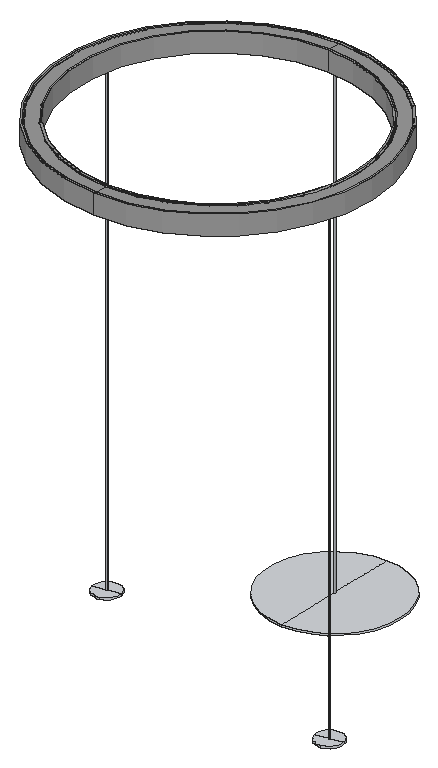
Revit family "VRD-DPMK", category Lighting Fixtures, host Face, Revit 2022
Family settings
  Host = Face
  Round Connector Dimension = Use Diameter
  Part Type = Normal
  Cut with Voids When Loaded = Yes
  Light Source = Yes
  Maintain Annotation Orientation = No
  Shared = No
  Room Calculation Point = No
Parameters (values of type "VRD-40W-4000K-ACPMK")
  cable = R - 0' 0 1/32"  # 0' - 11 197/256"
  Wattage Comments = "40W"
  Wattage = 22.8892 W
  built-in parameter 1150110 = 1 (stored number, unit not read)
  URL = "https://www.abovealllighting.com/Product/LED-INDOOR-FIXTURE/Ring/VRDVickyRingDownwardLight-Surface.html"
  built-in parameter 1114217 = 1 (stored number, unit not read)
  Tilt Angle = 90.00°
  built-in parameter 1150109 = 1 (stored number, unit not read)
  built-in parameter 1150134 = 12
  Suspension = 3' - 0"
  built-in parameter 1150113 = 1 (stored number, unit not read)
  Power Factor = "0.9"
  Photometric Web File = "VRD-4024-40901 (1).IES"
  Model = "VRD-4024-40901-ACPMK-WH"
  Manufacturer = "Above All Lighting"  # constant formula
  built-in parameter 1150105 = 270.56 (stored number, unit not read)
  Lumens = 3400 lm
  built-in parameter 1150115 = 1 (stored number, unit not read)
  Load Classification = Lighting
  built-in parameter 1150137 = (empty or 0)
  built-in parameter 1150139 = (empty or 0)
  built-in parameter 1150112 = 1 (stored number, unit not read)
  built-in parameter 1150114 = 1 (stored number, unit not read)
  Lamp = "LED"
  Input Voltage = "120-277V"
  built-in parameter 1150132 = 2
  built-in parameter 1150102 = (empty or 0)
  built-in parameter 1150107 = 4000 (stored number, unit not read)
  built-in parameter 1150138 = (empty or 0)
  built-in parameter 1150106 = 2.7056 (stored number, unit not read)
  built-in parameter 1150104 = 13.8 (stored number, unit not read)
  Dimming Lamp Color Temperature Shift = <None>
  Default Elevation = 0' - 0"
  R = 0' - 11 205/256"
  D1 = 0' - 10"
  Color Filter = 16777215
  Canopy R = R - 0' 0 77/128"  # 0' - 11 51/256"
  Cable Count = 2
  CRI = "90"
  Beam Angle = 0.00°
  built-in parameter 1114218 = 1 (stored number, unit not read)
  built-in parameter 1150133 = 10 (stored number, unit not read)
  10'' Canopy 3 = no
  10'' Canopy 2 = no
  10'' Canopy 1 = yes
  1/2D1 = 0.5 * D1  # 0' - 5"
Types (10): name | cable | Wattage Comments | Wattage | built-in parameter 1150134 | Photometric Web File | Model | built-in parameter 1150105 | Lumens | built-in parameter 1150107 | built-in parameter 1150106 | R | Canopy R | Cable Count | 10'' Canopy 3 | 10'' Canopy 2
  (no name) | 0' - 11 197/256" | "40W" | 22.8892 W | 12 | "VRD-4024-40901 (1).IES" | "VRD-4024-40901-ACPMK-WH" | 270.56 (stored number, unit not read) | 3400 lm | 4000 (stored number, unit not read) | 2.7056 (stored number, unit not read) | 0' - 11 205/256" | 0' - 11 51/256" | 2 | no | no
  VRD-40W-4000K-ACPMK | 0' - 11 197/256" | "40W" | 22.8892 W | 12 | "VRD-4024-40901 (1).IES" | "VRD-4024-40901-ACPMK-WH" | 270.56 (stored number, unit not read) | 3400 lm | 4000 (stored number, unit not read) | 2.7056 (stored number, unit not read) | 0' - 11 205/256" | 0' - 11 51/256" | 2 | no | no
  VRD-50W-3000K-ACPMK | 1' - 5 171/256" | "50W" | 28.6114 W | (empty or 0) | "VRD_5035_30901.ies" | "VRD-5035-30901-ACPMK-WH" | 338.2 (stored number, unit not read) | 4250 lm | 3000 (stored number, unit not read) | 3.382 (stored number, unit not read) | 1' - 5 179/256" | 1' - 5 25/256" | 2 | no | no
  VRD-80W-4000K-ACPMK | 1' - 11 73/128" | "80W" | 45.7783 W | 12 | "VRD-8047-40901 (1).IES" | "VRD-8047-40901-ACPMK-WH" | 541.13 (stored number, unit not read) | 6800 lm | 4000 (stored number, unit not read) | 5.4113 (stored number, unit not read) | 1' - 11 77/128" | 1' - 11" | 3 | no | no
  VRD-100W-3000K-ACPMK | 2' - 5 133/256" | "100W" | 57.2229 W | (empty or 0) | "VRD_10059_30901.ies" | "VRD-10059-30901-ACPMK-WH" | 676.41 (stored number, unit not read) | 8500 lm | 3000 (stored number, unit not read) | 6.7641 (stored number, unit not read) | 2' - 5 141/256" | 2' - 4 243/256" | 3 | no | no
  VRD-120W-3000K-ACPMK | 3' - 3 47/128" | "120W" | 68.6675 W | (empty or 0) | "generic" | "VRD-12079-30901-ACPMK-WH" | 811.69 (stored number, unit not read) | 10200 lm | 3000 (stored number, unit not read) | 8.1169 (stored number, unit not read) | 3' - 3 51/128" | 3' - 2 51/64" | 4 | yes | no
  VRD-160W-3000K-ACPMK | 4' - 1 43/256" | "160W" | 91.5566 W | (empty or 0) | "generic" | "VRD-16098-30901-ACPMK-WH" | 1082.3 (stored number, unit not read) | 13600 lm | 3000 (stored number, unit not read) | 10.823 (stored number, unit not read) | 4' - 1 51/256" | 4' - 0 153/256" | 6 | yes | no
  VRD-200W-3000K-ACPMK | 4' - 11 5/256" | "200W" | 114.446 W | (empty or 0) | "generic" | "VRD-200118-30901-ACPMK-WH" | 1352.8 (stored number, unit not read) | 17000 lm | 3000 (stored number, unit not read) | 13.528 (stored number, unit not read) | 4' - 11 13/256" | 4' - 10 115/256" | 7 | yes | yes
  VRD-300W-3000K-ACPMK | 6' - 6 31/32" | "300W" | 171.669 W | (empty or 0) | "generic" | "VRD-300158-30901-ACPMK-WH" | 2029.2 (stored number, unit not read) | 25500 lm | 3000 (stored number, unit not read) | 20.292 (stored number, unit not read) | 6' - 7" | 6' - 6 51/128" | 9 | yes | yes
  VRD-400W-3000K-ACPMK | 7' - 8.8058" | "400W" | 228.892 W | (empty or 0) | "generic" | "VRD-400197-30901-ACPMK-WH" | 2705.6 (stored number, unit not read) | 34000 lm | 3000 (stored number, unit not read) | 27.056 (stored number, unit not read) | 7' - 8.83705" | 7' - 8.23548" | 15 | yes | yes
Reference planes (in)
  plane 1 "Center (Front/Back)": y = 0
  plane 2: z = 0
  plane 3 "Center (Left/Right)": x = 0
  plane 4: y = 11.80078
  plane 5: y = 10.50078
  plane 6: y = 11.72767
  plane 7: y = 10.57389
  plane 8: z = 36
  plane 9: z = 37.44962
Forms (in)
  Revolve 1, solid, material "Default"
    sketch origin (0, 0, 59) x (0, 1, 0) y (0, 0, 1)
      loop
        line (11.80078, -23) -> (11.80078, -21.5) -> (11.67554, -21.5) -> (11.62516, -21.55038) -> (11.72767, -21.55038) -> (11.72767, -21.59442) -> (11.60156, -21.59442) -> (11.60156, -21.62964) -> (11.68258, -21.62964) -> (11.68258, -22.21375) -> (10.61898, -22.21375) -> (10.61898, -21.62964) -> (10.7, -21.62964) -> (10.7, -21.59442) -> (10.57389, -21.59442) -> (10.57389, -21.55038) -> (10.6764, -21.55038) -> (10.62603, -21.5) -> (10.50078, -21.5) -> (10.50078, -23) -> (10.99675, -23) -> (10.99675, -22.93164) -> (10.61898, -22.93164) -> (10.61898, -22.47495) -> (11.68258, -22.47495) -> (11.68258, -22.93164) -> (11.30481, -22.93164) -> (11.30481, -23) -> (11.80078, -23)
      loop
        line (11.68258, -22.26424) -> (10.61898, -22.26424) -> (10.61898, -22.41087) -> (11.68258, -22.41087) -> (11.68258, -22.26424)
      axis (0, -23) -> (0, -21.5)
    angle from 0 to 360
  Revolve 2, solid, material "Glass, White, High Luminance"
    sketch origin (0, 0, 59) x (0, 1, 0) y (0, 0, 1)
      loop
        line (11.72767, -21.55038) -> (10.57389, -21.55038) -> (10.57389, -21.59442) -> (11.72767, -21.59442) -> (11.72767, -21.55038)
      axis (0, -21.59442) -> (0, -21.55038)
    angle from 0 to 360
  Revolve 3, solid, visible <- "10'' Canopy 1"
    sketch origin (0, 1.75, 0) x (0, 1, 0) y (0, 0, 1)
      loop
        line (14.37857, 0) -> (14.37857, 0.125) -> (9.42154, 0.125) -> (9.42154, 36.52505) -> (9.37857, 36.52505) -> (9.37857, 0) -> (14.37857, 0)
      axis (9.37857, 36.52505) -> (9.37857, 0)
    angle from 0 to 360
  Revolve 4, solid, visible <- "10'' Canopy 3"
    sketch origin (0, -1.75, 0) x (0, -1, 0) y (0, 0, -1)
      loop
        line (14.37857, 0) -> (9.37857, 0) -> (9.37857, -36.52505) -> (9.42154, -36.52505) -> (9.42154, -0.125) -> (14.37857, -0.125) -> (14.37857, 0)
      axis (9.37857, -36.52505) -> (9.37857, 0)
    angle from 0 to 360
  Revolve 5, solid, visible <- "10'' Canopy 2"
    sketch origin (-1.75, 0, 0) x (-1, 0, 0) y (0, 0, -1)
      loop
        line (14.44922, 0) -> (9.44922, 0) -> (9.44922, -36.52505) -> (9.49219, -36.52505) -> (9.49219, -0.125) -> (14.44922, -0.125) -> (14.44922, 0)
      axis (9.44922, -36.52505) -> (9.44922, 0)
    angle from 0 to 360
  Revolve 6, solid
    sketch origin (31.74345, 0.78651, 0) x (-0.984808, -0.173648, 0) y (0, 0, -1)
      loop
        line (22.25, 0) -> (21.25, 0) -> (21.25, -36.52505) -> (21.29297, -36.52505) -> (21.29297, -0.125) -> (22.25, -0.125) -> (22.25, 0)
      axis (21.25, -36.52505) -> (21.25, 0)
    angle from 0 to 360
  Revolve 7, solid
    sketch origin (-31.74345, -0.78651, 0) x (0.984808, 0.173648, 0) y (0, 0, -1)
      loop
        line (22.25, 0) -> (21.25, 0) -> (21.25, -36.52505) -> (21.29297, -36.52505) -> (21.29297, -0.125) -> (22.25, -0.125) -> (22.25, 0)
      axis (21.25, -36.52505) -> (21.25, 0)
    angle from 0 to 360
Dimensions and locks (in)
  locked: plane 4 to plane 5 at 1.3
  "R": plane 4 to plane 1 "Center (Front/Back)"
  Revolve 1 to Revolve 2 sketch curve = 0' - 0.07311"
  locked: Revolve 2 sketch curve to Revolve 2 sketch curve at 1.15378
  "Suspension": level to plane 8
  locked: plane 9 to plane 8 at 1.44962
  Revolve 1 to Revolve 3 sketch curve = 0' - 0.62924"
  Revolve 4 sketch curve to Revolve 1 = 0' - 0.62924"
  "Canopy R": Revolve 5 sketch curve to imposter light
  "1/2D1": Revolve 5 sketch curve to Revolve 5 sketch curve
  "1/2D1": Revolve 4 sketch curve to Revolve 4 sketch curve
  "1/2D1": Revolve 3 sketch curve to Revolve 3 sketch curve
  "Canopy R": radius of radial array
  aligned and locked: plane 2 to host face
  aligned and locked: level to host face
  aligned and locked: Revolve 1 sketch curve to plane 4
  aligned and locked: Revolve 2 sketch curve to imposter light
  aligned and locked: Revolve 1 to plane 8  (x2)
  aligned and locked: Revolve 1 to Revolve 2  (x2)
  aligned and locked: Revolve 1 to Revolve 1
  aligned and locked: plane 9 to imposter light
  aligned and locked: plane 9 to Revolve 2
  aligned and locked: Revolve 1 to Revolve 3 sketch curve
  aligned and locked: Revolve 4 sketch curve to Revolve 1
  aligned and locked: Revolve 1 to Revolve 5 sketch curve
Automatic sketch dimensions
  host sketch curve to host sketch curve = 8' - 0"  (x2)
  Revolve 2 sketch curve to plane 9 = 0' - 0"
  Revolve 2 sketch curve to plane 9 = 0' - 0.04404"
  plane 8 to Revolve 2 sketch curve = 0' - 10 1/2"
  plane 9 to Revolve 2 sketch curve = 1' - 0.05038"
  Revolve 6 sketch curve to Revolve 6 sketch curve = 0' - 0 11/256"
  Revolve 6 sketch curve to Revolve 6 sketch curve = 0' - 0 245/256"
  Revolve 6 sketch curve to Revolve 6 sketch curve = 0' - 0"  (x2)
  Revolve 6 sketch curve to Revolve 6 sketch curve = 3' - 0.40005"
  Revolve 6 sketch curve to Revolve 6 sketch curve = 0' - 0 1/8"
  Revolve 6 sketch curve to Revolve 6 sketch curve = 0' - 0.52505"
  Revolve 7 sketch curve to Revolve 7 sketch curve = 0' - 0 11/256"
  Revolve 7 sketch curve to Revolve 7 sketch curve = 0' - 0 245/256"
  Revolve 7 sketch curve to Revolve 7 sketch curve = 0' - 0"  (x2)
  Revolve 7 sketch curve to Revolve 7 sketch curve = 3' - 0.40005"
  Revolve 7 sketch curve to Revolve 7 sketch curve = 0' - 0 1/8"
  Revolve 7 sketch curve to Revolve 7 sketch curve = 0' - 0.52505"
  Revolve 1 sketch curve to plane 1 "Center (Front/Back)" = 0' - 0"
  Revolve 1 sketch curve to plane 5 = 0' - 0"
  plane 9 to Revolve 1 sketch curve = 0' - 0"  (x2)
  plane 8 to Revolve 1 sketch curve = 0' - 0"  (x2)
  plane 5 to Revolve 1 sketch curve = 0' - 0.07311"
  plane 5 to Revolve 1 sketch curve = 0' - 0.1182"  (x2)
  Revolve 1 sketch curve to Revolve 1 sketch curve = 0' - 0"  (x3)
  Revolve 1 sketch curve to Revolve 1 sketch curve = 0' - 0.05213"
  Revolve 1 sketch curve to Revolve 1 sketch curve = 0' - 0.05038"  (x2)
  Revolve 1 sketch curve to Revolve 1 sketch curve = 0' - 0.08102"
  Revolve 1 sketch curve to plane 8 = 0' - 0.06836"  (x2)
  Revolve 1 sketch curve to Revolve 1 sketch curve = 0' - 0.37777"
  Revolve 1 sketch curve to Revolve 1 sketch curve = 0' - 0.30807"
  Revolve 1 sketch curve to plane 9 = 0' - 0.07926"  (x2)
  Revolve 1 sketch curve to plane 4 = 0' - 0 51/256"
  Revolve 1 sketch curve to Revolve 1 sketch curve = 0' - 0.0236"
  plane 9 to Revolve 1 sketch curve = 0' - 0.05038"  (x2)
  Revolve 1 sketch curve to plane 4 = 0' - 0.1182"
  Revolve 1 sketch curve to Revolve 1 sketch curve = 0' - 0.04509"
  Revolve 1 sketch curve to Revolve 1 sketch curve = 0' - 0.45669"
  Revolve 1 sketch curve to Revolve 1 sketch curve = 0' - 0.06407"
  Revolve 1 sketch curve to Revolve 1 sketch curve = 0' - 0.14663"
  Revolve 1 sketch curve to Revolve 1 sketch curve = 0' - 0.05049"
  Revolve 1 sketch curve to Revolve 1 sketch curve = 0' - 0.04404"  (x2)
  level to Revolve 1 sketch curve = 1' - 0"
  plane 9 to Revolve 1 sketch curve = 0' - 10.55038"
  level to Revolve 3 sketch curve = 0' - 0"  (x2)
  plane 8 to Revolve 3 sketch curve = 0' - 0"
  Revolve 3 sketch curve to Revolve 3 sketch curve = 0' - 0 11/256"
  level to Revolve 3 sketch curve = 0' - 0 1/8"
  Revolve 3 sketch curve to Revolve 3 sketch curve = 0' - 0"
  Revolve 4 sketch curve to level = 0' - 0"  (x2)
  Revolve 4 sketch curve to plane 8 = 0' - 0"
  Revolve 4 sketch curve to Revolve 4 sketch curve = 0' - 0 11/256"
  level to Revolve 4 sketch curve = 0' - 0 1/8"
  Revolve 4 sketch curve to Revolve 4 sketch curve = 0' - 0"
  Revolve 5 sketch curve to level = 0' - 0"  (x2)
  Revolve 5 sketch curve to plane 8 = 0' - 0"
  Revolve 5 sketch curve to Revolve 5 sketch curve = 0' - 0 11/256"
  level to Revolve 5 sketch curve = 0' - 0 1/8"
  Revolve 5 sketch curve to Revolve 5 sketch curve = 0' - 0"
